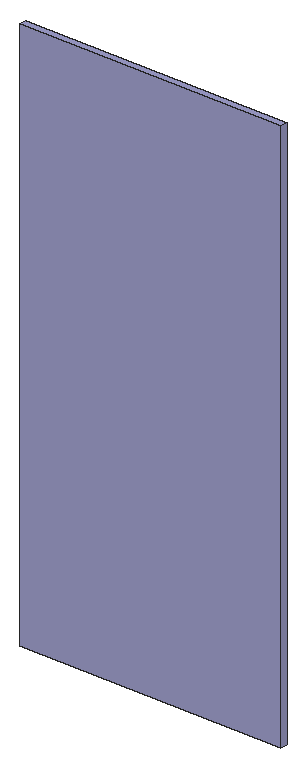
Revit family "EXP_WT-4_CPan-006", category Curtain Panels, Revit 2021
Family settings
  OmniClass Number = 23.25.20.14.11.11.17
  OmniClass Title = Infill Panels
  Always vertical = Yes
  Cut with Voids When Loaded = No
  Shared = No
Parameters
  UI-UnitNumber [instance] = "001"
  UI-Quadrant [instance] = "SE"
  UI-ProjectAbbreviation = "NEU"
  UI-ItemCategory = "PID"
  UI-FloorNumber [instance] = "03"
  PNT-WallType = "WT4"
  PNT-ProjectAbbreviation = "NEU"
  PNT-PanelType [instance] = "01"
  PNT-ItemCategory = "PNL"
  GlassSPH [instance] = 0' - 2.37402"
  GlassH1 = IG-9F(Glass)
  Define Thermal Properties by = Schematic Type
  CellSp = 0' - 7 3/4"
  CellL [instance] = 7' - 10"
  CellH1 [instance] = CellH  # 15' - 11 1/2"
  CellH [instance] = 15' - 11 1/2"
  Analytic Construction = "<None>"
Reference planes (in)
  plane 1 "Center (Front/Back)": y = 0
  plane 2: z = 0
  plane 3 "Center (Left/Right)": x = 0
  plane 4 "Left": x = -47
  plane 5 "Right": x = 47
  plane 6 "Top": z = 191.5
  plane 7: y = -7.75
Forms (in)
  Extrusion 1, solid, material "IG-9F(Glass)" <- "GlassH1", detail levels coarse+medium
    sketch origin (0, 0, 0) x (0, 1, 0) y (0, 0, 1)
      loop
        line (0, 191.5) -> (-7.75, 191.5) -> (-7.75, 0) -> (0, 0) -> (0, 191.5)
    from -47 to 47
Text (in)
  text "Exterior" at (-92.59733, 55.75508, 0), in view "Ref. Level"
  text "Exterior" at (0, 90.18664, 173.49264), in view "Left"
  text "Exterior" at (0, 52.29083, 162.21847), in view "Right"
Dimensions and locks (in)
  equal spacing: plane 4 "Left", plane 3 "Center (Left/Right)", plane 5 "Right"  (x2)
  "CellL": plane 4 "Left" to plane 5 "Right"
  "CellH": plane 2 to plane 6 "Top"
  "CellSp": plane 7 to plane 1 "Center (Front/Back)"
  aligned and locked: level to plane 2
  aligned and locked: Extrusion 1 sketch curve to level
  aligned and locked: Extrusion 1 sketch curve to plane 7
  aligned and locked: Extrusion 1 to plane 5 "Right"
  aligned and locked: plane 4 "Left" to Extrusion 1
  aligned and locked: Extrusion 1 to plane 6 "Top"
  aligned and locked: plane 1 "Center (Front/Back)" to nested 1
  aligned and locked: nested 1 to plane 6 "Top"
  aligned and locked: plane 5 "Right" to nested 1
  aligned and locked: plane 1 "Center (Front/Back)" to nested 2
  aligned and locked: nested 2 to plane 6 "Top"
  aligned and locked: plane 2 to nested 2
  aligned and locked: plane 5 "Right" to nested 2
  aligned and locked: plane 4 "Left" to nested 2
Automatic sketch dimensions
  Extrusion 1 sketch curve to plane 1 "Center (Front/Back)" = 0' - 0"
  level to Extrusion 1 sketch curve = 15' - 11 1/2"
Nested families (in)
  nested 1: "EXP_xx_DetO-002" at (0, 0, 0), CellH <- "CellH", CellL <- "CellL", type "EXP_xx_DetO-002", detail levels coarse
    with CellL 7' - 10", CellH 15' - 11 1/2"
  nested 2: "EXP_WT-1x_IG-011" at (0, 0, 95.75), MaterialGlass <- "GlassH1", GlassSP <- "GlassSPH", type "A = 90°", detail levels fine
    with MaterialGlass IG-9F(Glass), GlassSP 0' - 2.37402", GlassL 7' - 5 5/16", GlassH 15' - 10 1/2", CellL 7' - 10", CellH 15' - 11 1/2", GlassD1 0' - 4 3/16"
Definition of nested family "EXP_WT-1x_IG-011"
  Parameters (values of type "A = 90°")
    MaterialGlass [instance] = none
    GlassSP [instance] = 0' - 2.12598"
    GlassL [instance] = CellL - (GlassD1 + GlassD3)  # 3' - 11.8189"
    GlassH [instance] = CellH - (GlassD2 + GlassD4)  # 6' - 7.58489"
    GlassD4 = 0' - 0 1/2"
    GlassD3 = 0' - 0 1/2"
    GlassD2 = 0' - 0 1/2"
    GlassD1 = 0' - 0 1/2"
    GMPI-ProjectAbbreviation = "NEU"
    GMPI-IteamCategory = "GLS"
    Default Elevation = 0' - 0"
    CellL [instance] = 4' - 0.8189"
    CellH [instance] = 6' - 8.58489"
  Types (2): name
    A = 90°
    A = 0°
  Reference planes (in)
    plane 1 "Center (Front/Back)": y = 0
    plane 2: z = 0
    plane 3 "Center (Left/Right)": x = 0
    plane 4: x = -24.40945
    plane 5: x = 24.40945
    plane 6: z = 40.29245
    plane 7: x = -23.90945
    plane 8: x = 23.90945
    plane 9: z = -40.29245
    plane 10: z = 39.79245
    plane 11: z = -39.79245
  Forms (in)
    Extrusion 1, solid, material <- "MaterialGlass"
      sketch origin (0, 0, 0) x (1, 0, 0) y (0, 0, 1)
        loop
          line (-23.90945, -39.79245) -> (23.90945, -39.79245) -> (23.90945, 39.79245) -> (-23.90945, 39.79245) -> (-23.90945, -39.79245)
      from 0 to 2.12598 <- "GlassSP"
  Dimensions and locks (in)
    equal spacing: plane 6, level, plane 9
    "CellH": plane 6 to plane 9
    "GlassD2": plane 6 to plane 10
    "GlassD4": plane 11 to plane 9
    equal spacing: plane 4, plane 3 "Center (Left/Right)", plane 5
    "CellL": plane 4 to plane 5
    "GlassD1": plane 4 to plane 7
    "GlassD3": plane 5 to plane 8
    aligned and locked: level to plane 2
    aligned and locked: Extrusion 1 sketch curve to plane 11
    aligned and locked: Extrusion 1 sketch curve to plane 7
    aligned and locked: plane 10 to Extrusion 1 sketch curve
    aligned and locked: plane 8 to Extrusion 1 sketch curve
Definition of nested family "EXP_xx_DetO-002"
  Parameters (values of type "EXP_xx_DetO-002")
    Default Elevation = 0' - 0"
    CellL [instance] = 5' - 4.56693"
    CellH [instance] = 5' - 2.99213"
  Reference planes (in)
    plane 1 "Center (Front/Back)": y = 0
    plane 2: z = 0
    plane 3 "Center (Left/Right)": x = 0
    plane 4: x = -32.28346
    plane 5: x = 32.28346
    plane 6: z = 62.99213
  Lines and regions (in)
    model lines
      curve 1: line (-32.28346, 0, 62.99213) -> (32.28346, 0, 0)
      curve 2: line (32.28346, 0, 62.99213) -> (-32.28346, 0, 0)
  Dimensions and locks (in)
    "CellH": plane 6 to level
    equal spacing: plane 4, plane 3 "Center (Left/Right)", plane 5
    "CellL": plane 4 to plane 5
    aligned and locked: level to plane 2
  Automatic sketch dimensions
    curve 2 to level = 0' - 0"
    plane 4 to curve 2 = 0' - 0"
    plane 4 to curve 1 = 0' - 0"
    plane 5 to curve 2 = 0' - 0"
    curve 1 to level = 0' - 0"
    plane 5 to curve 1 = 0' - 0"
    curve 2 to plane 6 = 0' - 0"
    curve 1 to plane 6 = 0' - 0"
